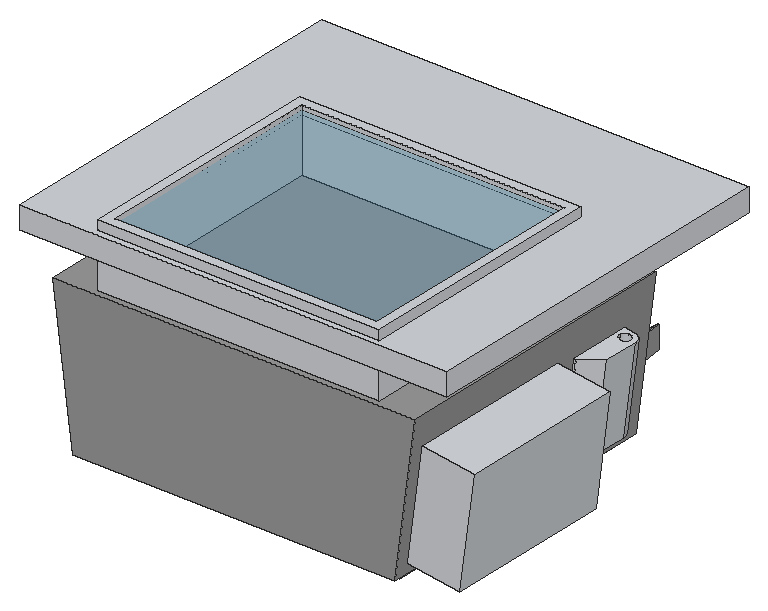
Revit family "TC-Series-TC30-TC54", category Mechanical Equipment, host Face, Revit 2019
Family settings
  Host = Face
  Round Connector Dimension = Use Diameter
  Part Type = Normal
  Cut with Voids When Loaded = Yes
  Shared = Yes
  Room Calculation Point = No
Parameters (values of type "TC30 D2")
  unit width = FACE WIDTH + 0' 4 1/2"  # 2' - 11 11/16"
  UNIT WEIGHT = 0.00 kgf
  STANDARD CONFORMANCE = ""
  SPECIFICATION = ""
  SALES INFORMATION = ""
  PRODUCT DATA = ""
  MANUFACTURER WEBSITE = ""
  MANUFACTURER PHONE-TOLL FREE = ""
  MANUFACTURER PHONE = ""
  MANUFACTURER FAX = ""
  MANUFACTURER ADDRESS = ""
  INSTALLATION FABRICATION = ""
  HVAC BTU OUTPUT = 0 Btu/h
  GREEN BUILDING LEED = ""
  FUEL TYPE = ""
  FUEL CNSUMPTION = ""
  FRAME MATERIAL = none
  FLUE OFFSET FROM CENTER = 0' - 0"
  HEIGHT FROM GROUND [instance] = 0' - 6"
  flue connection size = 0' - 6"
  STAND OFF HEIGHT = 0' - 2"
  GAS PIPE CONNECTOR = 0' - 0 1/4"
  FRAME WIDTH = 3' - 11 3/8"
  MIN NON-COMBUSTIBLE FRAMING SUPPLIED [instance] = yes
  FRAME HEIGHT = 3' - 4 3/8"
  FACE WIDTH = 2' - 7 3/16"
  FACE HEIGHT = 2' - 4"
  EFFICIENCY RATING = 0.00%
  Default Elevation = 4' - 0"
  CONSTRUCTION DETAILS = ""
  BUILDING CODES = ""
Types (4): name | unit width | FRAME WIDTH | FRAME HEIGHT | FACE WIDTH | FACE HEIGHT
  TC36 D2 | 3' - 6 1/4" | 4' - 0 1/16" | 3' - 5 5/16" | 3' - 1 3/4" | 2' - 8"
  TC54 D2 | 4' - 10 9/16" | 5' - 3 1/2" | 5' - 3 7/8" | 4' - 6 1/16" | 3' - 7 3/8"
  TC 42 D2 | 4' - 0 5/16" | 4' - 8 1/4" | 4' - 5 7/8" | 3' - 7 13/16" | 3' - 1 15/16"
  TC30 D2 | 2' - 11 11/16" | 3' - 11 3/8" | 3' - 4 3/8" | 2' - 7 3/16" | 2' - 4"
Reference planes (in)
  plane 1 "Center (Front/Back)": y = 0
  plane 2: z = 0
  plane 3 "Center (Left/Right)": x = 0
  plane 4 "Face Center": y = 20
  plane 5: y = 6
  plane 6: y = 34
  plane 7: x = 15.59375
  plane 8: x = -15.59375
  plane 9: x = -17.84375
  plane 10: x = 17.84375
  plane 11: y = 38.75
  plane 12: y = 6
  plane 13: z = -24
  plane 14 "Face": z = -12
  plane 15 "Electrical Connection": x = 23.73227
  plane 16: x = 23.6875
  plane 17: y = 47.125
  plane 18: x = -23.6875
  plane 19: y = 5.3125
  plane 20 "center": x = 0.68224
  plane 21: z = -6.5
  plane 22: x = -22.125
  plane 23: x = 22.125
  plane 24: z = -10.07868
Forms (in)
  Extrusion 1, solid, material "Zinc"
    sketch origin (-1.3887, 0, 0) x (1, 0, 0) y (0, 1, 0)
      loop
        line (-16.45505, 38.75) -> (-16.45505, 6) -> (19.23245, 6) -> (19.23245, 38.75) -> (-16.45505, 38.75)
    from -23.375 to -23.4375
  Extrusion 2, solid
    sketch origin (0, -1.875, 0) x (1, 0, 0) y (0, 1, 0)
      loop
        line (-15.59375, 35.875) -> (-15.59375, 7.875) -> (15.59375, 7.875) -> (15.59375, 35.875) -> (-15.59375, 35.875)
      loop
        line (-14.59375, 34.875) -> (-14.59375, 8.875) -> (14.59375, 8.875) -> (14.59375, 34.875) -> (-14.59375, 34.875)
    from -23.375 to 0.5
  Extrusion 3, void
    sketch origin (-48.20098, 26.48579, 0) x (1, 0, 0) y (0, 1, 0)
      loop
        line (32.60723, 7.51421) -> (32.60723, -20.48579) -> (63.79473, -20.48579) -> (63.79473, 7.51421) -> (32.60723, 7.51421)
    from -23.375 to 9.24488
  Extrusion 4, solid, material "Glass"
    sketch origin (0, 0, 0) x (1, 0, 0) y (0, 1, 0)
      loop
        line (-14.59375, 33) -> (-14.59375, 7) -> (14.59375, 7) -> (14.59375, 33) -> (-14.59375, 33)
    from 0 to -0.5
  Extrusion 5, solid, visible <- "MIN NON-COMBUSTIBLE FRAMING SUPPLIED"
    sketch origin (0, 0, 0) x (1, 0, 0) y (0, 1, 0)
      loop
        line (23.6875, 47.125) -> (-23.6875, 47.125) -> (-23.6875, 5.3125) -> (23.6875, 5.3125) -> (23.6875, 47.125)
      loop
        line (15.59375, 6) -> (15.59375, 34) -> (-15.59375, 34) -> (-15.59375, 6) -> (15.59375, 6)
    from -0.5 to -3
  Extrusion 6, solid, material "Zinc"
    sketch origin (10.8, 0, 0) x (1, 0, 0) y (0, 0, 1)
      loop
        line (-30.89375, -6.5) -> (-28.64375, -23.375) -> (7.04375, -23.375) -> (9.29375, -6.5) -> (-30.89375, -6.5)
    from -5.3125 to -38.75
  Extrusion 7, solid, material "Zinc"
    sketch origin (-1.21995, 4.9375, 0) x (1, 0, 0) y (0, 1, 0)
      loop
        line (-13.02571, 33.8125) -> (-12.41726, 33.8125) -> (-11.20013, 43.16095) -> (-10.02384, 33.8125) -> (-9.3738, 33.8125) -> (-9.3738, 33.875) -> (-9.96903, 33.875) -> (-11.16717, 43.375) -> (-11.23234, 43.375) -> (-12.47207, 33.875) -> (-13.02571, 33.875) -> (-13.02571, 33.8125)
      loop
        line (-9.05131, 33.8125) -> (-8.44286, 33.8125) -> (-7.22573, 43.16095) -> (-6.04944, 33.8125) -> (-5.39939, 33.8125) -> (-5.39939, 33.875) -> (-5.99463, 33.875) -> (-7.19276, 43.375) -> (-7.25794, 43.375) -> (-8.49767, 33.875) -> (-9.05131, 33.875) -> (-9.05131, 33.8125)
      loop
        line (15.77571, 33.8125) -> (15.77571, 33.875) -> (15.22207, 33.875) -> (13.98234, 43.375) -> (13.91717, 43.375) -> (12.71903, 33.875) -> (12.1238, 33.875) -> (12.1238, 33.8125) -> (12.77384, 33.8125) -> (13.95013, 43.16095) -> (15.16726, 33.8125) -> (15.77571, 33.8125)
      loop
        line (11.80131, 33.8125) -> (11.80131, 33.875) -> (11.24767, 33.875) -> (10.00794, 43.375) -> (9.94276, 43.375) -> (8.74463, 33.875) -> (8.14939, 33.875) -> (8.14939, 33.8125) -> (8.79944, 33.8125) -> (9.97573, 43.16095) -> (11.19286, 33.8125) -> (11.80131, 33.8125)
    from -18.5 to -21
  Extrusion 8, solid
    sketch origin (11.925, 38.75, 0) x (-1, 0, 0) y (0, 0, 1)
      loop
        circle (11.925, -15.93967) r 6
    from 0 to 0.5
  Extrusion 9, solid
    sketch origin (11.925, 39.25, 0) x (-1, 0, 0) y (0, 0, 1)
      loop
        circle (11.925, -15.93967) r 4
    from 0 to 0.5
Dimensions and locks (in)
  equal spacing: plane 8, plane 3 "Center (Left/Right)", plane 7
  "FACE HEIGHT": plane 5 to plane 6
  "FACE WIDTH": plane 8 to plane 7
  equal spacing: plane 9, plane 3 "Center (Left/Right)", plane 10
  equal spacing: plane 6, plane 4 "Face Center", plane 5
  locked: host face to plane 13 at 24
  locked: plane 10 to plane 15 "Electrical Connection" at 5.88852
  equal spacing: plane 18, plane 3 "Center (Left/Right)", plane 16
  "FRAME WIDTH": plane 18 to plane 16
  plane 7 to plane 10 = 0' - 2 1/4"
  locked: plane 11 to plane 6 at 4.75
  locked: plane 11 to plane 17 at 8.375
  equal spacing: plane 22, plane 3 "Center (Left/Right)", plane 23
  "FLUE OFFSET FROM CENTER": Extrusion 8 sketch curve to plane 3 "Center (Left/Right)"
  locked: nested 2 to plane 19 at 22.65701
  locked: Extrusion 5 to nested 1 at 22.65701
  locked: nested 3 to plane 19 at 1.5
  "HEIGHT FROM GROUND": plane 12 to plane 1 "Center (Front/Back)"
  aligned and locked: plane 2 to host face
  aligned and locked: level to host face
  aligned and locked: Extrusion 3 sketch curve to plane 8
  aligned and locked: Extrusion 3 sketch curve to plane 6
  aligned and locked: plane 7 to Extrusion 3 sketch curve
  aligned and locked: Extrusion 3 sketch curve to plane 5
  aligned and locked: Extrusion 4 sketch curve to Extrusion 2  (x4)
  aligned and locked: Extrusion 5 sketch curve to plane 17
  aligned and locked: Extrusion 5 sketch curve to plane 18
  aligned and locked: Extrusion 5 sketch curve to plane 19
  aligned and locked: Extrusion 5 sketch curve to plane 16
  aligned and locked: Extrusion 5 sketch curve to plane 7
  aligned and locked: Extrusion 5 sketch curve to plane 6
  aligned and locked: Extrusion 5 sketch curve to plane 8
  aligned and locked: Extrusion 5 sketch curve to plane 5
  aligned and locked: Extrusion 5 to plane 19
  aligned and locked: Extrusion 1 to Extrusion 2
  aligned and locked: Extrusion 6 to plane 11
  aligned and locked: plane 5 to plane 12
  aligned and locked: Extrusion 6 to plane 19
  aligned and locked: plane 9 to Extrusion 6
  aligned and locked: plane 9 to Extrusion 1
  aligned and locked: Extrusion 1 to plane 10
  aligned and locked: Extrusion 6 to Extrusion 1
Automatic sketch dimensions
  host sketch curve to host sketch curve = 6' - 4.85597"
  host sketch curve to host sketch curve = 5' - 3.82515"
  Extrusion 2 sketch curve to plane 8 = 0' - 1"
  plane 7 to Extrusion 2 sketch curve = 0' - 1"
  Extrusion 2 sketch curve to plane 5 = 0' - 1"
  Extrusion 2 sketch curve to plane 6 = 0' - 1"
  Extrusion 1 sketch curve to plane 7 = 0' - 2 1/4"
  plane 8 to Extrusion 1 sketch curve = 0' - 2 1/4"
  plane 12 to Extrusion 1 sketch curve = 0' - 0"
  plane 11 to Extrusion 1 sketch curve = 0' - 0"
  plane 5 to Extrusion 2 sketch curve = 0' - 0"
  Extrusion 2 sketch curve to plane 8 = 0' - 0"
  Extrusion 2 sketch curve to plane 6 = 0' - 0"
  Extrusion 2 sketch curve to plane 7 = 0' - 0"
  plane 9 to Extrusion 6 sketch curve = 0' - 2 1/4"
  plane 8 to Extrusion 6 sketch curve = 0' - 2 1/4"
  Extrusion 6 sketch curve to plane 7 = 0' - 2 1/4"
  Extrusion 6 sketch curve to plane 10 = 0' - 2 1/4"
  Extrusion 6 sketch curve to plane 21 = 0' - 0"
  plane 13 to Extrusion 6 sketch curve = 0' - 0 5/8"
  plane 6 to Extrusion 7 sketch curve = 0' - 4 3/4"  (x5)
  Extrusion 7 sketch curve to plane 8 = 0' - 1.34808"
  plane 6 to Extrusion 7 sketch curve = 0' - 4 13/16"  (x6)
  Extrusion 7 sketch curve to Extrusion 7 sketch curve = 0' - 0.55364"  (x4)
  Extrusion 7 sketch curve to Extrusion 7 sketch curve = 0' - 0.05481"  (x8)
  Extrusion 7 sketch curve to plane 8 = 0' - 3.14145"
  Extrusion 7 sketch curve to Extrusion 7 sketch curve = 0' - 0.03221"  (x2)
  Extrusion 7 sketch curve to Extrusion 7 sketch curve = 0' - 0.06518"  (x4)
  Extrusion 7 sketch curve to Extrusion 7 sketch curve = 0' - 2.39342"  (x3)
  Extrusion 7 sketch curve to Extrusion 7 sketch curve = 0' - 0.59523"  (x4)
  Extrusion 7 sketch curve to Extrusion 7 sketch curve = 0' - 0.32249"  (x2)
  Extrusion 7 sketch curve to Extrusion 7 sketch curve = 0' - 3.90923"
  plane 7 to Extrusion 7 sketch curve = 0' - 8.66431"
  plane 7 to Extrusion 7 sketch curve = 0' - 6.87094"
  Extrusion 7 sketch curve to Extrusion 7 sketch curve = 0' - 0.03297"  (x2)
  plane 7 to Extrusion 7 sketch curve = 0' - 2.89654"
  plane 7 to Extrusion 7 sketch curve = 0' - 1.64644"
  Extrusion 7 sketch curve to Extrusion 7 sketch curve = 0' - 0 1/16"  (x5)
  Extrusion 7 sketch curve to plane 17 = 0' - 0.97345"  (x4)
  Extrusion 7 sketch curve to Extrusion 7 sketch curve = 0' - 0.21405"  (x4)
  Extrusion 8 sketch curve to Extrusion 6 = 0' - 7.43533"
  radius of Extrusion 9 sketch curve to Extrusion 8 = 0' - 2"
  radius of Extrusion 8 sketch curve = 0' - 6"
Nested families (in)
  nested 1: "Handle" at (-19.03489, 23.0625, -14.44144) x (0, 1, 0) z (-0.9912, 0, -0.1322), type "Family2"
  nested 2: "Handle" at (18.85676, 23.0625, -15.77741) x (0, 1, 0) z (0.9912, 0, -0.1322), type "Family2"
  nested 3: "Connections Box" at (17.57942, 29.3125, -25.35746) x (0, -1, 0) z (0.9912, 0, -0.1322), type "Family2f"
Connectors (in)
  hvac at (0, 39.75, -15.93967), driven by "flue connection size"
    settings: on Extrusion 9, index 1, duct flow 0.0 L/s, flow factor 0, pres drop 0.0 Pa, loss coef 0, conn angle 0.00°, conn width 304.8 mm, conn height 304.8 mm, conn diameter 152.4 mm, duct sys type 3, conn prof type 0, flow config 0, flow direction 0, loss method 0, conn ref index -1, conn util no, is conn primary yes, conn desc ""
  electrical at (24.7688, 16.20129, -16.83535)
    settings: on nested 3, index 2, voltage 0 V, apparent load 0 VA, apparent load phase1 0 VA, apparent load phase2 0 VA, apparent load phase3 0 VA, power factor 1, load classification "Other", number of poles 1, system type 14, power factor state 1, is connector primary yes, connector utility no, sub classification motor no, connector description ""
  piping at (20.98264, 16.20129, -22.53246), diameter 0.25, driven by "GAS PIPE CONNECTOR"
    settings: on nested 3, index 3, connector inside diameter 609.6 mm, connector length 0' - 0", flow factor 0, pipe flow 0.0 L/s, pressure drop 0.0 Pa, fitting loss kfactor 0, connector angle 0.00°, fixture units 0, engagement length 0' - 0", angle of deflection 0.00°, flow configuration 0, flow direction 0, fitting loss method 0, system type 29, joint type 0, gender type 0, connector reference index -1, connector utility 0, adjustable connector no, is connector primary yes, connector description ""
Definition of nested family "Handle"
  Parameters (values of type "Family2")
    Default Elevation = 4' - 0"
  Reference planes (in)
    plane 1 "Center (Front/Back)": y = 0
    plane 2: z = 0
    plane 3 "Center (Left/Right)": x = 0
  Forms (in)
    Extrusion 1, solid
      sketch origin (0, 0, 0) x (1, 0, 0) y (0, 1, 0)
        loop
          line (-48, 48) -> (-48, -48) -> (48, -48) -> (48, 48) -> (-48, 48)
      from 0 to -12
    Sweep 2, solid
      path origin (0, 0, 0) x (1, 0, 0) y (0, 1, 0)
        loop
          line (4.90701, -4.70044) -> (4.90701, 5.29956)
      profile "Sweep : Sweep" origin (4.90701, 0.29956, 0) x (-1, 0, 0) y (0, 0, 1)
        loop
          circle (-5.85469, 1.12794) r 0.63154
        loop
          line (-6.98715, 0) -> (0, 0) -> (0, 0.27626) -> (-1.94454, 2.22081) -> (-5.95236, 2.22081)
          arc (-5.95236, 2.22081) -> (-6.68406, 1.91772) -> (-6.98715, 1.18602) r 1.03479
          line (-6.98715, 1.18602) -> (-6.98715, 0)
  Dimensions and locks (in)
    aligned and locked: plane 2 to Extrusion 1
    aligned and locked: level to Extrusion 1
Definition of nested family "Connections Box"
  Parameters (values of type "Family2f")
    Default Elevation = 4' - 0"
  Reference planes (in)
    plane 1 "Center (Front/Back)": y = 0
    plane 2: z = 0
    plane 3 "Center (Left/Right)": x = 0
  Forms (in)
    Extrusion 1, solid
      sketch origin (0, 0, 0) x (1, 0, 0) y (0, 1, 0)
        loop
          line (-48, 48) -> (-48, -48) -> (48, -48) -> (48, 48) -> (-48, 48)
      from 0 to -12
    Extrusion 2, solid
      sketch origin (0, 0, 0) x (1, 0, 0) y (0, 1, 0)
        loop
          line (3.72242, -15.54504) -> (22.5, -15.54504) -> (22.5, -3.25) -> (3.72242, -3.25) -> (3.72242, -15.54504)
      from 0 to 6
  Dimensions and locks (in)
    aligned and locked: plane 2 to Extrusion 1
    aligned and locked: level to Extrusion 1
